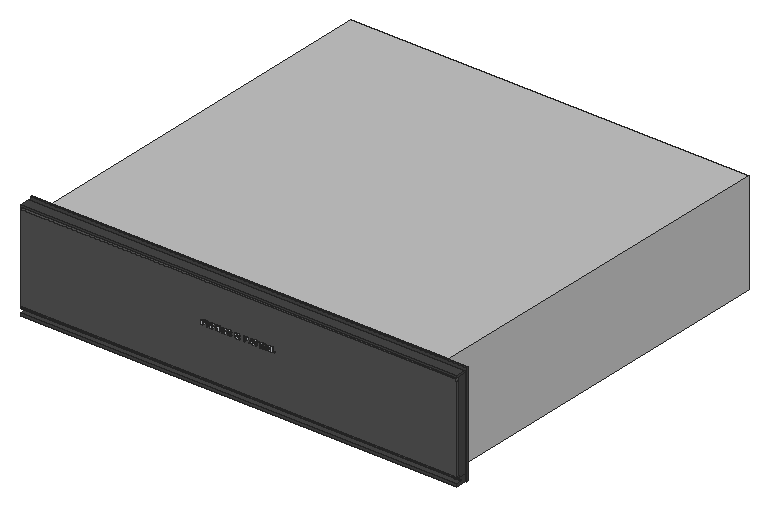
Revit family "FP_Revit_18_WB24SDEB2_Warming_Drawer_9000xxxxA", category Specialty Equipment, Revit 2018
Family settings
  Round Connector Dimension = Use Diameter
  Part Type = Normal
  OmniClass Number = 23.40.40.00
  OmniClass Title = Food Service Equipment and Furnishings
  Work Plane-Based = No
  Always vertical = Yes
  Cut with Voids When Loaded = Yes
  Shared = No
  Room Calculation Point = No
Parameters (values of type "WB24SDEB2")
  Visibility - Clearance Required = yes
  URL = "www.fisherpaykel.com"
  Product - Width = 596 mm  # constant formula
  Product - Height = 140 mm  # constant formula
  Product - Depth = 567 mm  # constant formula
  Model = "WB24SDEB2"
  Material - Trim = Fisher & Paykel - Black
  Material - Structure = Fisher & Paykel - Black
  Material - Glass = Fisher & Paykel - Glass, Black
  Material - Body = Fisher & Paykel - Grey
  Manufacturer = "Fisher & Paykel Appliances"
  FFL Offset [instance] = 740 mm
  Description = "24\" Warming Drawer"
  Connector Description - Electrical = "110 V, 60 Hz, 10 A"
  Chassis - Width = 543 mm  # constant formula
  Chassis - Height = 140 mm  # constant formula
  Chassis - Depth = 547 mm  # constant formula
  Cavity - Width = 560 mm  # constant formula
  Cavity - Height = 142 mm  # constant formula
  Cavity - Depth = 550 mm  # constant formula
Reference planes
  plane 1 "Center (Front/Back)": y = 0
  plane 2: z = 0
  plane 3 "Center (Left/Right)": x = 0
  plane 4: z = 882
  plane 5: z = 880
  plane 6 "Product LHS": x = -298
  plane 7 "Product RHS": x = 298
  plane 8 "Cavity LHS": x = -300
  plane 9 "Cavity RHS": x = 300
  plane 10 "Cavity - Depth": y = 550
  plane 11 "Front Face": y = -20
  plane 12 "FFL Offset": z = 740
  plane 13 "Product - Depth": y = 547
Forms (mm)
  Extrusion 1, solid, material "Fisher & Paykel - Grey" <- "Material - Body"
    sketch origin (0, 0, 0) x (0, 1, 0) y (0, 0, 1)
      loop
        line (0, 880) -> (0, 740) -> (512, 740) -> (512, 880) -> (0, 880)
    from -271.5 to 271.5
  Extrusion 2, solid, material "Fisher & Paykel - Black" <- "Material - Structure", detail levels fine
    sketch origin (0, 0, 0) x (0, 1, 0) y (0, 0, 1)
      loop
        line (-6, 875) -> (-16, 875) -> (-16, 751.6) -> (-6, 751.6) -> (-6, 875)
    from -298 to 298
  Extrusion 3, solid, material "Fisher & Paykel - Black" <- "Material - Structure", detail levels fine
    sketch origin (0, 0, 0) x (0, 1, 0) y (0, 0, 1)
      loop
        line (-2, 880) -> (-2, 740) -> (0, 740) -> (0, 880) -> (-2, 880)
    from -298 to 298
  Extrusion 4, solid, material "Fisher & Paykel - Black" <- "Material - Trim", detail levels fine
    sketch origin (0, 0, 0) x (0, 1, 0) y (0, 0, 1)
      loop
        line (-11, 748.6) -> (-11, 745) -> (-20, 745) -> (-20, 742) -> (-6, 742) -> (-6, 751.6) -> (-18.226, 751.6) -> (-14.6, 748.6) -> (-11, 748.6)
    from -298 to 298
  Extrusion 5, solid, material "Fisher & Paykel - Grey" <- "Material - Body", detail levels fine
    sketch origin (0, 0, 0) x (0, 1, 0) y (0, 0, 1)
      loop
        line (-6, 745) -> (-2, 745) -> (-2, 859) -> (-6, 859) -> (-6, 745)
    from -258.5 to 258.5
  Extrusion 6, solid, material "Fisher & Paykel - Grey" <- "Material - Body"
    sketch origin (0, 0, 0) x (1, 0, 0) y (0, 0, 1)
      loop
        line (202, 849) -> (177, 849) -> (177, 830) -> (202, 830) -> (202, 849)
    from -547 to -512
  Extrusion 7, solid, material "Fisher & Paykel - Grey" <- "Material - Body"
    sketch origin (0, 0, 0) x (0, 1, 0) y (0, 0, 1)
      loop
        circle (537, 839.5) r 8
    from 137 to 177
  Extrusion 8, solid, material "Fisher & Paykel - Glass, Black" <- "Material - Glass", detail levels fine
    sketch origin (0, 0, 0) x (1, 0, 0) y (0, 0, 1)
      loop
        arc (-296, 873) -> (-297.414, 872.414) -> (-298, 871) r 2
        line (-298, 871) -> (-298, 753.6)
        arc (-298, 753.6) -> (-297.414, 752.186) -> (-296, 751.6) r 2
        line (-296, 751.6) -> (295.982, 751.6)
        arc (295.982, 751.6) -> (297.409, 752.191) -> (298, 753.618) r 2.018
        line (298, 753.618) -> (298, 871)
        arc (298, 871) -> (297.414, 872.414) -> (296, 873) r 2
        line (296, 873) -> (-296, 873)
    from 16 to 20
  Extrusion 9, solid, material "Fisher & Paykel - Clearance Required", visible <- "Visibility - Clearance Required", detail levels coarse
    sketch origin (0, 0, 0) x (1, 0, 0) y (0, 1, 0)
      loop
        line (-280, 0) -> (280, 0) -> (280, 550) -> (-280, 550) -> (-280, 0)
    from 740 to 882
  Extrusion 10, solid, material "Fisher & Paykel - Clearance Required", visible <- "Visibility - Clearance Required", detail levels coarse
    sketch origin (0, 0, 0) x (0, 1, 0) y (0, 0, 1)
      loop
        line (0, 882) -> (-434, 882) -> (-434, 740) -> (0, 740) -> (0, 882)
    from -300 to 300
  Extrusion 11, solid, material "Fisher & Paykel - Glass, Black" <- "Material - Glass", detail levels coarse+medium
    sketch origin (0, 0, 0) x (0, 1, 0) y (0, 0, 1)
      loop
        line (-20, 878) -> (-20, 740) -> (0, 740) -> (0, 878) -> (-20, 878)
    from -298 to 298
  Extrusion 12, solid, material "Fisher & Paykel - Black" <- "Material - Trim", detail levels fine
    sketch origin (0, 0, 0) x (0, 1, 0) y (0, 0, 1)
      loop
        line (-6, 878) -> (-20, 878) -> (-20, 875) -> (-6, 875) -> (-6, 878)
    from -298 to 298
  Extrusion 13, void
    sketch origin (0, 0, 0) x (1, 0, 0) y (0, 1, 0)
      loop
        line (-280, 0) -> (280, 0) -> (280, 550) -> (-280, 550) -> (-280, 0)
    from 740 to 882
  Extrusion 14, void
    sketch origin (0, 0, 0) x (0, 1, 0) y (0, 0, 1)
      loop
        line (0, 882) -> (-20, 882) -> (-20, 740) -> (0, 740) -> (0, 882)
    from -300 to 300
Text (mm)
  text "Due to ongoing product development, product details are subject to change without notice. \nPlease always refer to www.fisherpaykel.com for the most current product information. \n© Fisher & Paykel 2020" at (41.04, -543.295, 0), in view "Ref. Level (Plan)"
Dimensions and locks
  equal spacing: plane 6 "Product LHS", plane 3 "Center (Left/Right)", plane 7 "Product RHS"
  "Product - Width": plane 6 "Product LHS" to plane 7 "Product RHS"
  equal spacing: plane 8 "Cavity LHS", plane 3 "Center (Left/Right)", plane 9 "Cavity RHS"
  "Cavity - Depth": plane 10 "Cavity - Depth" to plane 1 "Center (Front/Back)"
  locked: plane 11 "Front Face" to plane 1 "Center (Front/Back)" at 20
  equal spacing: Extrusion 1, plane 3 "Center (Left/Right)", Extrusion 1
  "Chassis - Width": Extrusion 1 to Extrusion 1
  equal spacing: Extrusion 9, plane 3 "Center (Left/Right)", Extrusion 9
  "Cavity - Width": Extrusion 9 to Extrusion 9
  "FFL Offset": plane 12 "FFL Offset" to level
  "Cavity - Height": plane 4 to plane 12 "FFL Offset"
  "Product - Height": plane 5 to plane 12 "FFL Offset"
  "Chassis - Height": Extrusion 1 to plane 12 "FFL Offset"
  "Product - Depth": Extrusion 6 to plane 11 "Front Face"
  locked: Extrusion 2 sketch curve to plane 12 "FFL Offset" at 11.6
  locked: nested 1 to plane 12 "FFL Offset" at 78.891
  locked: Extrusion 10 to plane 11 "Front Face" at 414
  "Chassis - Depth": plane 1 "Center (Front/Back)" to plane 13 "Product - Depth"
  aligned and locked: level to plane 2
  aligned and locked: Extrusion 8 to plane 11 "Front Face"
  aligned and locked: plane 4 to Extrusion 9
  aligned and locked: plane 12 "FFL Offset" to Extrusion 3 sketch curve
  aligned and locked: Extrusion 8 to Extrusion 4
  aligned and locked: Extrusion 4 to plane 11 "Front Face"
  aligned and locked: Extrusion 12 to plane 11 "Front Face"
  aligned and locked: Extrusion 1 to plane 12 "FFL Offset"
  aligned and locked: plane 5 to Extrusion 1
  aligned and locked: Extrusion 12 to plane 7 "Product RHS"
  aligned and locked: plane 6 "Product LHS" to Extrusion 12
  aligned and locked: Extrusion 11 to plane 12 "FFL Offset"
  aligned and locked: Extrusion 10 to plane 12 "FFL Offset"
  aligned and locked: Extrusion 9 to plane 12 "FFL Offset"
  aligned and locked: plane 4 to Extrusion 13
  aligned and locked: Extrusion 13 to plane 12 "FFL Offset"
  aligned and locked: Extrusion 6 to plane 13 "Product - Depth"
  aligned and locked: Extrusion 13 to Extrusion 9  (x2)
Automatic sketch dimensions
  Extrusion 1 sketch curve to plane 1 "Center (Front/Back)" = 0 mm
  Extrusion 1 sketch curve to plane 12 "FFL Offset" = 0 mm
  Extrusion 1 sketch curve to plane 5 = 0 mm
  plane 11 "Front Face" to Extrusion 2 sketch curve = 4 mm
  plane 1 "Center (Front/Back)" to Extrusion 2 sketch curve = 6 mm
  Extrusion 2 sketch curve to plane 5 = 5 mm
  Extrusion 3 sketch curve to plane 5 = 0 mm
  Extrusion 3 sketch curve to plane 1 "Center (Front/Back)" = 0 mm
  plane 1 "Center (Front/Back)" to Extrusion 3 sketch curve = 2 mm
  Extrusion 4 sketch curve to plane 11 "Front Face" = 0 mm
  plane 11 "Front Face" to Extrusion 4 sketch curve = 1.774 mm
  Extrusion 4 sketch curve to Extrusion 4 sketch curve = 3.626 mm
  Extrusion 4 sketch curve to Extrusion 4 sketch curve = 3.6 mm  (x2)
  Extrusion 4 sketch curve to Extrusion 4 sketch curve = 5 mm
  plane 12 "FFL Offset" to Extrusion 4 sketch curve = 2 mm
  Extrusion 4 sketch curve to Extrusion 4 sketch curve = 3 mm  (x2)
  Extrusion 6 sketch curve to plane 5 = 31 mm
  plane 7 "Product RHS" to Extrusion 6 sketch curve = 121 mm
  Extrusion 6 sketch curve to Extrusion 6 sketch curve = 25 mm
  Extrusion 6 sketch curve to Extrusion 6 sketch curve = 19 mm
  Extrusion 7 sketch curve to plane 5 = 40.5 mm
  plane 6 "Product LHS" to Extrusion 8 sketch curve = 0 mm
  plane 7 "Product RHS" to Extrusion 8 sketch curve = 0 mm
  Extrusion 8 sketch curve to plane 6 "Product LHS" = 2 mm  (x2)
  plane 7 "Product RHS" to Extrusion 8 sketch curve = 2.018 mm
  Extrusion 8 sketch curve to Extrusion 8 sketch curve = 2 mm
  plane 12 "FFL Offset" to Extrusion 8 sketch curve = 11.6 mm
  Extrusion 8 sketch curve to plane 5 = 9 mm
  Extrusion 9 sketch curve to plane 10 "Cavity - Depth" = 0 mm
  plane 1 "Center (Front/Back)" to Extrusion 9 sketch curve = 0 mm
  Extrusion 9 sketch curve to plane 6 "Product LHS" = 18 mm
  plane 7 "Product RHS" to Extrusion 9 sketch curve = 18 mm
  Extrusion 10 sketch curve to plane 4 = 0 mm
  Extrusion 10 sketch curve to plane 12 "FFL Offset" = 0 mm
  Extrusion 10 sketch curve to plane 1 "Center (Front/Back)" = 0 mm
  Extrusion 10 sketch curve to plane 11 "Front Face" = 414 mm
  Extrusion 11 sketch curve to plane 11 "Front Face" = 0 mm
  Extrusion 11 sketch curve to plane 1 "Center (Front/Back)" = 0 mm
  Extrusion 11 sketch curve to plane 12 "FFL Offset" = 0 mm
  Extrusion 11 sketch curve to plane 5 = 2 mm
  Extrusion 12 sketch curve to plane 11 "Front Face" = 0 mm
  plane 1 "Center (Front/Back)" to Extrusion 12 sketch curve = 6 mm
  Extrusion 12 sketch curve to plane 5 = 5 mm
  Extrusion 12 sketch curve to plane 5 = 2 mm
  Extrusion 13 sketch curve to plane 10 "Cavity - Depth" = 0 mm
  plane 1 "Center (Front/Back)" to Extrusion 13 sketch curve = 0 mm
  Extrusion 13 sketch curve to plane 6 "Product LHS" = 18 mm
  plane 7 "Product RHS" to Extrusion 13 sketch curve = 18 mm
  Extrusion 14 sketch curve to plane 4 = 0 mm
  Extrusion 14 sketch curve to plane 12 "FFL Offset" = 0 mm
  Extrusion 14 sketch curve to plane 1 "Center (Front/Back)" = 0 mm
  Extrusion 14 sketch curve to plane 11 "Front Face" = 0 mm
  plane 12 "FFL Offset" to Extrusion 5 sketch curve = 5 mm
  Extrusion 5 sketch curve to plane 5 = 21 mm
  Extrusion 5 sketch curve to Extrusion 5 sketch curve = 4 mm
  plane 1 "Center (Front/Back)" to Extrusion 5 sketch curve = 2 mm
  Extrusion 1 sketch curve to plane 10 "Cavity - Depth" = 38 mm
  Extrusion 7 sketch curve to plane 10 "Cavity - Depth" = 13 mm
  radius of Extrusion 7 sketch curve = 8 mm
Nested families
  nested 1: "F&P Logo 100mm" at (0.045, -20, 819), type "Grey"
Connectors
  electrical at (137, 537, 839.5), driven by "Connector Description - Electrical"
    settings: on Extrusion 7, index 1, voltage 110 V, apparent load 0 VA, apparent load phase1 0 VA, apparent load phase2 0 VA, apparent load phase3 0 VA, power factor 1, load classification "Other", number of poles 1, system type 30, power factor state 1, is connector primary yes, connector utility no, sub classification motor no, connector description "110 V, 60 Hz, 10 A"
Definition of nested family "F&P Logo 100mm"
  Parameters (values of type "Grey")
    URL = "www.fisherpaykel.com"
    Material - Logo = none
    Manufacturer = "Fisher & Paykel Appliances"
  Types (2): name
    Chrome
    Grey
  Reference planes
    plane 1 "Center (Front/Back)": y = 0
    plane 2: z = 0
    plane 3 "Center (Left/Right)": x = 0
  Forms (mm)
    Extrusion 1, solid, material <- "Material - Logo", detail levels fine
      sketch origin (0, 0, 0) x (1, 0, 0) y (0, 0, 1)
        loop
          line (-50.044, 0) -> (-48.47, 0) -> (-48.47, 2.138) -> (-46.011, 2.138) -> (-46.011, 3.472) -> (-48.47, 3.472) -> (-48.47, 4.712) -> (-45.795, 4.712) -> (-45.795, 6.04) -> (-50.044, 6.04) -> (-50.044, 0)
        loop
          line (-42.804, 6.04) -> (-42.804, 0) -> (-41.23, 0) -> (-41.23, 6.04) -> (-42.804, 6.04)
        loop
          line (-30.724, 6.04) -> (-30.724, 0) -> (-29.151, 0) -> (-29.151, 2.42) -> (-26.839, 2.42) -> (-26.839, 0) -> (-25.265, 0) -> (-25.265, 6.04) -> (-26.839, 6.04) -> (-26.839, 3.748) -> (-29.151, 3.748) -> (-29.151, 6.04) -> (-30.724, 6.04)
        loop
          line (-21.906, 6.04) -> (-21.906, 0) -> (-17.602, 0) -> (-17.602, 1.328) -> (-20.347, 1.328) -> (-20.347, 2.42) -> (-17.838, 2.42) -> (-17.838, 3.748) -> (-20.347, 3.748) -> (-20.347, 4.712) -> (-17.602, 4.712) -> (-17.602, 6.04) -> (-21.906, 6.04)
        loop
          line (45.667, 6.04) -> (45.667, 0) -> (49.956, 0) -> (49.956, 1.328) -> (47.241, 1.328) -> (47.241, 6.04) -> (45.667, 6.04)
        loop
          line (42.431, 6.04) -> (38.112, 6.04) -> (38.112, 0) -> (42.431, 0) -> (42.431, 1.328) -> (39.687, 1.328) -> (39.687, 2.42) -> (42.195, 2.42) -> (42.195, 3.748) -> (39.687, 3.748) -> (39.687, 4.712) -> (42.431, 4.712) -> (42.431, 6.04)
        loop
          line (33.451, 3.148) -> (35.683, 6.04) -> (33.844, 6.04) -> (31.915, 3.542) -> (31.915, 6.04) -> (30.342, 6.04) -> (30.342, 0) -> (31.915, 0) -> (31.915, 2.705) -> (33.903, 0) -> (35.763, 0) -> (33.451, 3.148)
        loop
          line (21.98, 6.04) -> (24.262, 2.42) -> (24.262, 0) -> (25.837, 0) -> (25.837, 2.341) -> (28.119, 6.04) -> (26.446, 6.04) -> (25.099, 3.707) -> (23.753, 6.04) -> (21.98, 6.04)
        loop
          line (18.479, 6.04) -> (16.983, 6.04) -> (14.524, 0) -> (16.069, 0) -> (16.501, 1.112) -> (18.921, 1.112) -> (19.354, 0) -> (20.938, 0) -> (18.479, 6.04)
        loop
          line (18.4, 2.439) -> (17.693, 4.174) -> (17.018, 2.439) -> (18.4, 2.439)
        loop
          line (8.031, 6.04) -> (8.031, 0) -> (9.605, 0) -> (9.605, 1.938) -> (10.599, 1.938)
          arc (10.599, 1.938) -> (12.65, 3.989) -> (10.599, 6.04) r 2.051
          line (10.599, 6.04) -> (8.031, 6.04)
        loop
          line (9.605, 4.712) -> (9.605, 3.197) -> (10.501, 3.197)
          arc (10.501, 3.197) -> (11.259, 3.954) -> (10.501, 4.712) r 0.757
          line (10.501, 4.712) -> (9.605, 4.712)
        loop
          line (-11.783, 6.04) -> (-14.366, 6.04) -> (-14.366, 0) -> (-12.792, 0) -> (-12.792, 1.336) -> (-11.992, 1.336) -> (-10.972, 0) -> (-9.153, 0) -> (-10.694, 1.973)
          arc (-10.694, 1.973) -> (-9.678, 4.424) -> (-11.783, 6.04) r 2.179
        loop
          line (-11.897, 4.712) -> (-12.792, 4.712) -> (-12.792, 3.053) -> (-11.897, 3.053)
          arc (-11.897, 3.053) -> (-11.068, 3.882) -> (-11.897, 4.712) r 0.83
        loop
          line (0.477, 4.712) -> (0.477, 6.153) -> (-3.575, 6.153) -> (-3.575, 4.851) -> (-2.974, 4.112)
          arc (-2.974, 4.112) -> (-3.51, 0.684) -> (-0.045, 0.512) r 2.334
          line (-0.045, 0.512) -> (0.46, -0.109) -> (2.246, -0.109) -> (0.86, 1.594) -> (2.061, 3.324) -> (0.443, 3.324) -> (-0.013, 2.667) -> (-1.677, 4.712) -> (0.477, 4.712)
        loop
          arc (-2.125, 3.068) -> (-2.269, 1.668) -> (-0.868, 1.524) r 0.996
          line (-0.868, 1.524) -> (-2.125, 3.068)
        loop
          line (-35.18, 3.634) -> (-36.516, 3.91)
          arc (-36.516, 3.91) -> (-37.049, 4.443) -> (-36.516, 4.976) r 0.533
          arc (-36.516, 4.976) -> (-35.235, 4.79) -> (-34.059, 4.248) r 4.505
          line (-34.059, 4.248) -> (-34.059, 5.743)
          arc (-34.059, 5.743) -> (-35.549, 6.179) -> (-37.1, 6.109) r 4.726
          arc (-37.1, 6.109) -> (-38.536, 4.335) -> (-37.1, 2.561) r 1.814
          line (-37.1, 2.561) -> (-35.754, 2.282)
          arc (-35.754, 2.282) -> (-35.221, 1.749) -> (-35.754, 1.216) r 0.533
          arc (-35.754, 1.216) -> (-37.035, 1.402) -> (-38.211, 1.945) r 4.505
          line (-38.211, 1.945) -> (-38.211, 0.449)
          arc (-38.211, 0.449) -> (-36.72, 0.013) -> (-35.169, 0.083) r 4.726
          arc (-35.169, 0.083) -> (-33.734, 1.863) -> (-35.18, 3.634) r 1.814
      from 0 to 0.8
  Dimensions and locks
    aligned and locked: level to plane 2
